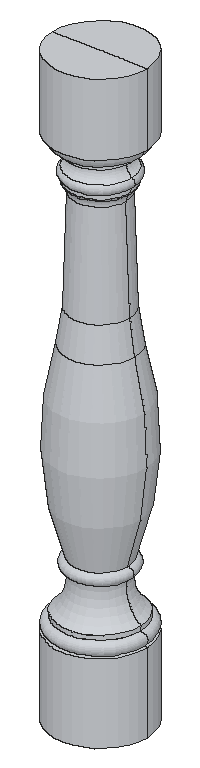
Revit family
Parameters (values of type "Balustrade G34")
  Width = 0' - 5 7/16"
  URL = "www.strombergarchitectural.com"
  Top Material = none
  Submittal Sheet = "www.strombergarchitectural.com/images/materials/gfrc/submittal/gfrc-submittal-sheet.pdf"
  Specifications = "www.strombergarchitectural.com/gfrcspecifications"
  Model Cut-sheet = "http://www.strombergarchitectural.com/products/balustrade/design/G34"
  Model = "Balustrade G34"
  Manufacturer = "Stromberg Architectural Products"
  Guidebook = "www.strombergarchitectural.com/images/materials/gfrc/handbooks/gfrc_guidebook.pdf   \r\n(http://www.strombergarchitectural.com/images/materials/gfrc/handbooks/gfrc_guidebook.pdf"
  Description = "GFRC Baluster"
  Assembly Code = ""
  Height = 2' - 10 9/16"
  XXX.5 = no
  XXX.4 = no
  XXX.3 = no
  XXX.2 = no
  XXX.1 = yes
Reference planes (in)
  plane 1 "Center (Front/Back)": y = 3.74847
  plane 2: z = 0
  plane 3 "Center (Left/Right)": x = 0.7278
  plane 4 "Front": y = -3.25153
  plane 5 "Back": y = 10.74847
  plane 6 "Left": x = -17.2722
  plane 7 "Right": x = 18.7278
Forms (in)
  Revolve 1, solid
    sketch origin (0, 3.74847, 0) x (1, 0, 0) y (0, 0, 1)
      loop
        line (0.7278, 34.5625) -> (-1.99095, 34.5625) -> (-1.99095, 30.375) -> (-1.80345, 30.375)
        arc (-1.80345, 30.375) -> (-1.58378, 29.84467) -> (-1.05345, 29.625) r 0.75
        line (-1.05345, 29.625) -> (-1.05345, 29.375) -> (-0.80345, 29.375)
        arc (-0.80345, 29.375) -> (-0.79963, 28.93111) -> (-1.08763, 28.5933) r 0.63465
        arc (-1.08763, 28.5933) -> (-1.24127, 28.31691) -> (-1.05345, 28.0625) r 0.29225
        line (-1.05345, 28.0625) -> (-1.05345, 27.8125)
        arc (-1.05345, 27.8125) -> (-1.04683, 27.78451) -> (-1.02838, 27.76245) r 0.0625
        arc (-1.02838, 27.76245) -> (-0.84635, 27.55002) -> (-0.7722, 27.28028) r 0.64066
        line (-0.7722, 27.28028) -> (-0.96717, 21.31172)
        arc (-0.96717, 21.31172) -> (-1.09025, 20.3538) -> (-1.27859, 19.40654) r 14.10734
        arc (-1.27859, 19.40654) -> (-1.94925, 13.88903) -> (-0.86595, 8.4375) r 17.60057
        arc (-0.86595, 8.4375) -> (-1.17845, 8.125) -> (-0.86595, 7.8125) r 0.3125
        arc (-0.86595, 7.8125) -> (-0.90979, 6.60521) -> (-1.61595, 5.625) r 2.08446
        line (-1.61595, 5.625) -> (-1.61595, 5.375)
        arc (-1.61595, 5.375) -> (-1.99095, 5) -> (-1.61595, 4.625) r 0.375
        line (-1.61595, 4.625) -> (-1.99095, 4.625) -> (-1.99095, 0) -> (0.7278, 0) -> (0.7278, 34.5625)
      axis (0.7278, 34.5625) -> (0.7278, 0)
    angle from 0 to 360
Dimensions and locks (in)
  aligned and locked: level to plane 2
